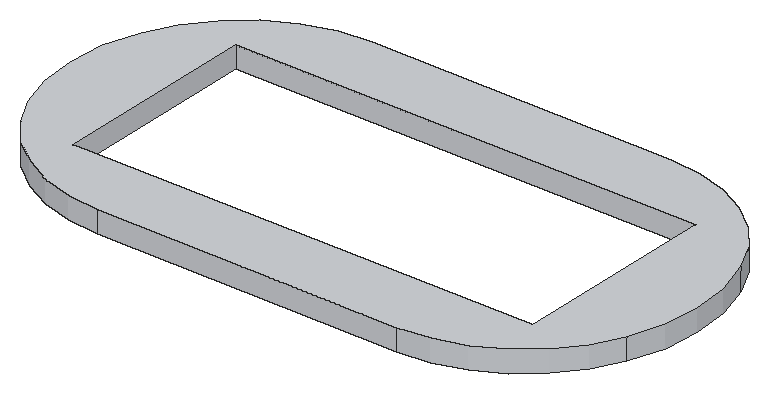
Revit family "Gira_1002135", category Electrical Fixtures, host Face, Revit 2017
Family settings
  Host = Face
  Maintain Annotation Orientation = No
  Round Connector Dimension = Use Diameter
  Part Type = Normal
  Cut with Voids When Loaded = No
  Shared = No
  Room Calculation Point = No
Parameters (values of type "Abdeckrahmen 2f o.M. Gira Studio G Schwarz")
  Werkstoffgüte = "Echtglas"
  Werkstoff = "Glas"
  URL = "http://katalog.gira.de/de_DE/datenblatt.html?artikelnr=1002135"
  Transparent = "No"
  Textfeld/Beschriftungsfläche = "No"
  Schutzart (IP) = "IP20"
  Region = "DE"
  Oberfläche = "sonstige"
  Name = "Abdeckrahmen 2f o.M. Gira Studio G Schwarz"
  Montagerichtung = "horizontal und vertikal"
  Mit Montagerahmen = "No"
  Mit Klappdeckel = "No"
  Manufacturer URL = "https://www.gira.de/"
  Keynote = "Studio_Rahmen_Abdeckplatte_2fach o.Mittelsteg"
  HeinzeBIM = "https://bimportal.heinze.de/bim/abdeckrahmen-2f-o-m-gira-studio-g-schwarz/4905bdf8fa424e2db474722a7d0329e9e7dcb178"
  Halogenfrei = "No"
  HAN = "1002135"
  Geeignet für Unterputz-Installation = "Yes"
  Geeignet für Unterflurkanaldose = "No"
  Geeignet für Geräteeinbaukanal = "No"
  Geeignet für Einbauinstallation = "No"
  GTIN = "4010337045724"
  Farbe = "schwarz"
  Default Elevation = 1219.2 mm
  Data sheet (1) = "https://katalog.gira.de/de_DE/download.html?artikelnr=1002135"
  Category = "Abdeckrahmen"
  Befestigungsart = "Klemmbefestigung"
  BIM (1) = "https://media.live.bim.site/public/gira/9fde4c0/Studio_Rahmen_Abdeckplatte_2fach o.Mittelsteg.rfa?public/gira/9fde4c0/Studio_Rahmen_Abdeckplatte_2fach o.Mittelsteg.rfa"
  Available = "Yes"
  Ausführung der Oberfläche = "glänzend"
  Anzahl der Einheiten vertikal = "2 "
  Anzahl der Einheiten horizontal = "2 "
  Anzahl der Einheiten = "2 "
Reference planes
  plane 1 "Center (Front/Back)": y = 0
  plane 2: z = 0
  plane 3 "Center (Left/Right)": x = 0
Forms (mm)
  Extrusion 1, solid, detail levels fine
    sketch origin (0, 0, 0) x (0, -1, 0) y (1, 0, 0)
      loop
        arc (-47.5, -41.55) -> (-39.942, -66.512) -> (-19.808, -83.088) r 45
        arc (-19.808, -83.088) -> (0, -87.05) -> (19.808, -83.088) r 51.5
        arc (19.808, -83.088) -> (39.942, -66.512) -> (47.5, -41.55) r 45
        line (47.5, -41.55) -> (47.5, 41.55)
        arc (47.5, 41.55) -> (39.942, 66.512) -> (19.808, 83.088) r 45
        arc (19.808, 83.088) -> (0, 87.05) -> (-19.808, 83.088) r 51.5
        arc (-19.808, 83.088) -> (-39.942, 66.512) -> (-47.5, 41.55) r 45
        line (-47.5, 41.55) -> (-47.5, -41.55)
      loop
        line (-28.2, -63.75) -> (28.2, -63.75) -> (28.2, 63.75) -> (-28.2, 63.75) -> (-28.2, -63.75)
    from 0 to 6
  Extrusion 2, solid, detail levels medium
    sketch origin (0, 0, 0) x (0, -1, 0) y (1, 0, 0)
      loop
        arc (-47.5, -41.55) -> (-39.942, -66.512) -> (-19.808, -83.088) r 45
        arc (-19.808, -83.088) -> (0, -87.05) -> (19.808, -83.088) r 51.5
        arc (19.808, -83.088) -> (39.942, -66.512) -> (47.5, -41.55) r 45
        line (47.5, -41.55) -> (47.5, 41.55)
        arc (47.5, 41.55) -> (39.942, 66.512) -> (19.808, 83.088) r 45
        arc (19.808, 83.088) -> (0, 87.05) -> (-19.808, 83.088) r 51.5
        arc (-19.808, 83.088) -> (-39.942, 66.512) -> (-47.5, 41.55) r 45
        line (-47.5, 41.55) -> (-47.5, -41.55)
    from 0 to 6
  Extrusion 3, solid, detail levels coarse
    sketch origin (0, 0, 0) x (0, -1, 0) y (1, 0, 0)
      loop
        line (-47.5, 87.05) -> (-47.5, -87.05) -> (47.5, -87.05) -> (47.5, 87.05) -> (-47.5, 87.05)
    from 0 to 6
Dimensions and locks
  aligned and locked: plane 2 to host face
  aligned and locked: level to host face
